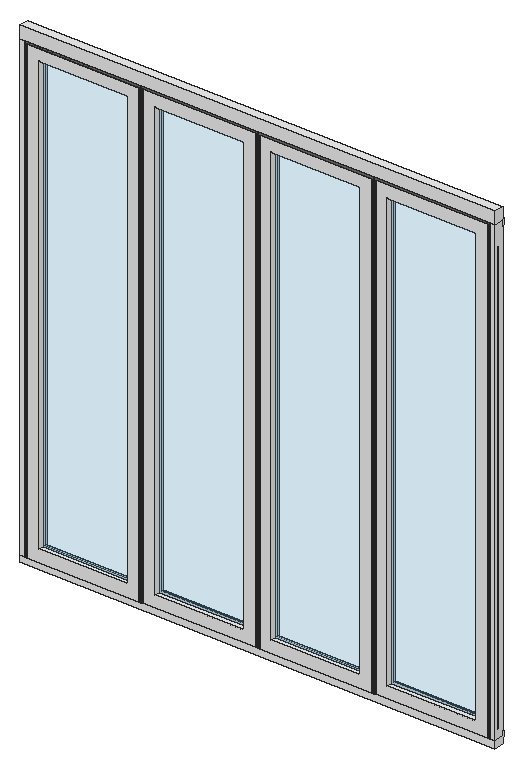
Revit family "98135", category Windows, host Wall, Revit 2018 (continued)
Definition of nested family "Sash_SL-60_NanaWall"
  Dimensions and locks (in)
    aligned and locked: plane 9 "Interior Edge of Glass" to Sweep 2 sketch curve
    aligned and locked: plane 11 "Left Edge" to Sweep 2 sketch curve
    aligned and locked: plane 10 "Exterior Edge of Glass" to Sweep 2 sketch curve
    aligned and locked: plane 5 "Exterior" to Sweep 2 sketch curve
    aligned and locked: Extrusion 3 sketch curve to plane 19 "Top Edge of Glass"
    aligned and locked: Extrusion 3 sketch curve to plane 20 "Bottom Edge of Glass"
    aligned and locked: Extrusion 3 to plane 9 "Interior Edge of Glass"
    aligned and locked: plane 10 "Exterior Edge of Glass" to Extrusion 3
    aligned and locked: plane 21 to Sweep 2 sketch curve
    aligned and locked: plane 23 "Left Edge of Glass" to Extrusion 3 sketch curve
    aligned and locked: Extrusion 3 sketch curve to plane 24 "Right Edge of Glass"
    aligned and locked: level to Sweep 1 sketch curve  (x2)
    aligned and locked: Sweep 2 sketch curve to level
    aligned and locked: Masking region 1 sketch curve to plane 5 "Exterior"
    aligned and locked: Masking region 1 sketch curve to plane 4 "Interior"
    aligned and locked: Masking region 1 sketch curve to plane 6 "Left"
    aligned and locked: Masking region 1 sketch curve to plane 11 "Left Edge"
    aligned and locked: Masking region 1 sketch curve to Sweep 2  (x2)
    aligned and locked: Sweep 2 to Masking region 1 sketch curve
    aligned and locked: plane 6 "Left" to Masking region 2 sketch curve
    aligned and locked: Masking region 2 sketch curve to plane 14 "Left Interior Edge of Filler"
    aligned and locked: plane 5 "Exterior" to Masking region 2 sketch curve
    aligned and locked: Masking region 2 sketch curve to plane 4 "Interior"
    aligned and locked: Masking region 3 sketch curve to plane 5 "Exterior"
    aligned and locked: Masking region 3 sketch curve to plane 4 "Interior"
    aligned and locked: plane 13 "Right Edge" to Masking region 3 sketch curve
    aligned and locked: Masking region 3 sketch curve to plane 7 "Right"
    aligned and locked: Sweep 2 to Masking region 3 sketch curve  (x2)
    aligned and locked: Masking region 4 sketch curve to plane 18 "Right Interior Edge of Filler"
    aligned and locked: Masking region 4 sketch curve to plane 7 "Right"
    aligned and locked: Masking region 4 sketch curve to plane 4 "Interior"
    aligned and locked: plane 5 "Exterior" to Masking region 4 sketch curve
    aligned and locked: plane 23 "Left Edge of Glass" to Masking region 5 sketch curve
    aligned and locked: plane 24 "Right Edge of Glass" to Masking region 5 sketch curve
    aligned and locked: Masking region 5 sketch curve to Extrusion 3  (x2)
    aligned and locked: plane 21 to Masking region 1 sketch curve
    aligned and locked: Masking region 3 sketch curve to Sweep 2
    aligned and locked: Masking region 6 sketch curve to plane 11 "Left Edge"
    aligned and locked: Masking region 6 sketch curve to plane 23 "Left Edge of Glass"
    aligned and locked: plane 13 "Right Edge" to Masking region 7 sketch curve
    aligned and locked: plane 24 "Right Edge of Glass" to Masking region 7 sketch curve
    aligned and locked: Masking region 8 sketch curve to plane 4 "Interior"
    aligned and locked: Masking region 9 sketch curve to plane 5 "Exterior"
  Automatic sketch dimensions
    Sweep 2 sketch curve to Sweep 2 sketch curve = 0.72005"
    Masking region 3 sketch curve to plane 22 = 0"
    plane 9 "Interior Edge of Glass" to Masking region 6 sketch curve = 0"
    plane 10 "Exterior Edge of Glass" to Masking region 6 sketch curve = 0"
    plane 10 "Exterior Edge of Glass" to Masking region 7 sketch curve = 0"
    plane 9 "Interior Edge of Glass" to Masking region 7 sketch curve = 0"
    plane 8 "Left Interior Edge of Sash" to Masking region 8 sketch curve = 13/256"
    plane 12 "Right Interior Edge of Sash" to Masking region 8 sketch curve = 13/256"
    plane 9 "Interior Edge of Glass" to Masking region 8 sketch curve = 0"
    plane 10 "Exterior Edge of Glass" to Masking region 9 sketch curve = 0"
    Masking region 9 sketch curve to plane 21 = 0"
    Masking region 9 sketch curve to plane 22 = 0"
Definition of nested family "DetailItem_Panel"
  Parameters
    Panel Thickness = 1 3/4"
    Panel Width = 29 135/256"
    Assembly Code = ""
  Reference planes (in)
    plane 1 "Center (Front/Back)": y = -1.66017
    plane 2: z = 0
    plane 3 "Center (Left/Right)": x = 0.04527
    plane 4 "Right": x = 0.92027
    plane 5: x = -0.82973
    plane 6 "Back": y = 13.10351
    plane 7: y = -16.42384
  Lines and regions (in)
    detail lines, in view "Ref. Level"
      curve 1: line (-0.82973, 13.10351, 0) -> (-0.82973, -16.42384, 0)
      curve 2: line (-0.82973, 13.10351, 0) -> (0.92027, 13.10351, 0)
      curve 3: line (0.92027, 13.10351, 0) -> (0.92027, -16.42384, 0)
      curve 4: line (-0.82973, -16.42384, 0) -> (0.92027, -16.42384, 0)
  Dimensions and locks (in)
    equal spacing: plane 5, plane 3 "Center (Left/Right)", plane 4 "Right"
    "Panel Thickness": plane 5 to plane 4 "Right"
    equal spacing: plane 6 "Back", plane 1 "Center (Front/Back)", plane 7
    "Panel Width": plane 6 "Back" to plane 7
    aligned and locked: curve 1 to plane 5
    aligned and locked: curve 2 to plane 6 "Back"
    aligned and locked: curve 3 to plane 4 "Right"
    aligned and locked: curve 4 to plane 7
Types (2): name | Assembly Code
  (no name) | "B2030110"
  Standard | "B2050.1040"
